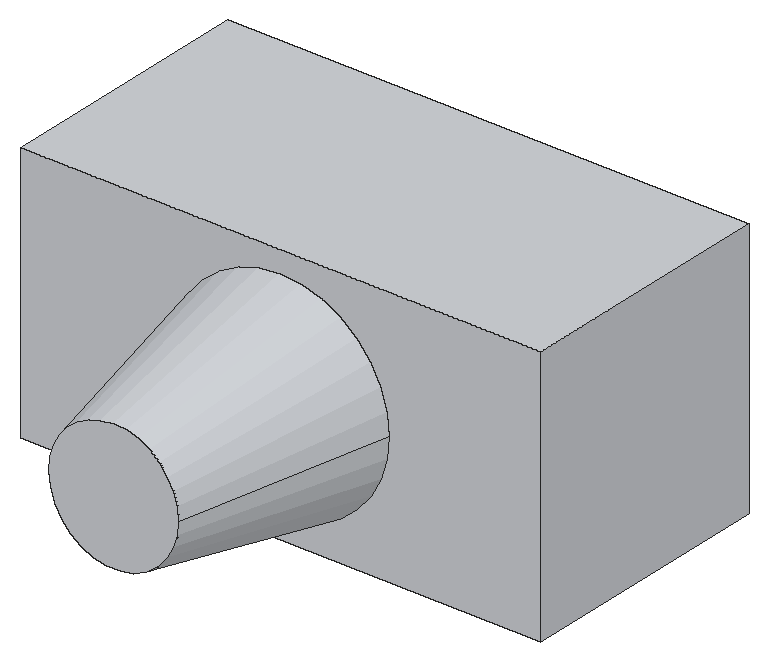
Revit family "M_T retangular para redondo - Torneira", category Conexões de duto, Revit 2019
Family settings
  Cota do conector redondo = Usar raio
  Tipo de parte = Tê
  Número OmniClass = 23.75.70.14
  Título OmniClass = Air Ductwork
  ID de item do Seek = Rectangular to Round Tee -  Conical Tap-0000-CAN-ENU
  Com base no plano de trabalho = Não
  Sempre na vertical = Sim
  Corte com vazios quando carregada = Não
  Compartilhado = Não
Parameters (values of type "Padrão")
  Largura do duto [instance] = 300 mm
  Raio do duto 1 [instance] = 75 mm
  Raio do duto 2 [instance] = if(Altura do duto > Comprimento do duto 1, (Comprimento do duto 1 - 50 mm) / 2, (Altura do duto - 50 mm) / 2)  # 125 mm
  Comprimento do duto 2 [instance] = Largura do duto * 0.8  # 240 mm
  Comprimento do duto 1 [instance] = Largura do duto * 2  # 600 mm
  Altura do duto [instance] = 300 mm
  Diâmetro do duto 1 [instance] = Raio do duto 1 * 2  # 150 mm
  Diâmetro do duto 2 [instance] = Raio do duto 2 * 2  # 250 mm
Reference planes
  plane 1 "Centro (Frente/Trás)": y = 0
  plane 2: z = 0
  plane 3 "Centro (Esquerda/Direita)": x = 0
  plane 4: y = 150
  plane 5: y = -150
  plane 6: x = -300
  plane 7: x = 300
  plane 8: z = 150
  plane 9: z = -150
  plane 10: y = -390
  plane 11: y = 152.4
  plane 12: y = -152.4
  plane 13: z = 152.4
  plane 14: z = -152.4
  plane 15: y = 152.4
  plane 16: y = -152.4
  plane 17: z = 152.4
  plane 18: z = -152.4
Forms (mm)
  Extrusion 1, solid, detail levels medium+fine
    sketch origin (0, 0, 0) x (1, 0, 0) y (0, 1, 0)
      loop
        line (-300, 150) -> (-300, -150) -> (300, -150) -> (300, 150) -> (-300, 150)
    from -150 to 150
  Blend 2, solid, detail levels medium+fine
    base sketch origin (0, 0, 0) x (1, 0, 0) y (0, 0, 1)
      loop
        circle (0, 0) r 125
    top sketch origin (0, 0, 0) x (1, 0, 0) y (0, 0, 1)
      loop
        circle (0, 0) r 75
    from 150 to 390
  Extrusion 3, solid, detail levels medium+fine
    sketch origin (0, 0, 0) x (1, 0, 0) y (0, 0, 1)
      loop
        circle (0, 0) r 12.7
    from 150 to 390
Cuts and joins
  joined: Extrusion 1, Blend 2, Extrusion 3
Lines and regions (mm)
  model lines, detail levels coarse
    curve 1: line (-300, 0, 0) -> (300, 0, 0)
    curve 2: line (0, 0, 0) -> (0, -390, 0)
Dimensions and locks
  equal spacing: plane 4, plane 1 "Centro (Frente/Trás)", plane 5
  "Largura do duto": plane 4 to plane 5
  equal spacing: plane 6, plane 3 "Centro (Esquerda/Direita)", plane 7
  "Comprimento do duto 1": plane 6 to plane 7
  equal spacing: plane 8, plane 2, plane 9
  "Altura do duto": plane 8 to plane 9
  "Comprimento do duto 2": plane 5 to plane 10
  equal spacing: plane 11, plane 1 "Centro (Frente/Trás)", plane 12
  equal spacing: plane 13, plane 2, plane 14
  equal spacing: plane 15, plane 1 "Centro (Frente/Trás)", plane 16
  equal spacing: plane 17, plane 2, plane 18
  "Raio do duto 2": radius of Blend 2 sketch curve
  "Raio do duto 1": radius of Blend 2 sketch curve
  radius of Extrusion 3 sketch curve = 12.7 mm
  aligned and locked: plane 6 to Extrusion 1 sketch curve
  aligned and locked: Extrusion 1 sketch curve to plane 4
  aligned and locked: plane 5 to Extrusion 1 sketch curve
  aligned and locked: Extrusion 1 sketch curve to plane 7
  aligned and locked: Extrusion 1 to plane 9
  aligned and locked: plane 8 to Extrusion 1
  aligned and locked: plane 2 to Blend 2 sketch curve  (x2)
  aligned and locked: plane 3 "Centro (Esquerda/Direita)" to Blend 2 sketch curve  (x2)
  aligned and locked: plane 5 to Blend 2
  aligned and locked: Blend 2 to plane 10
  aligned and locked: plane 7 to curve 1
  aligned and locked: plane 6 to curve 1
  aligned and locked: plane 1 "Centro (Frente/Trás)" to curve 1
  aligned and locked: plane 10 to curve 2
  aligned and locked: plane 1 "Centro (Frente/Trás)" to curve 2
  aligned and locked: curve 2 to plane 3 "Centro (Esquerda/Direita)"
  aligned and locked: plane 2 to Extrusion 3 sketch curve
  aligned and locked: plane 3 "Centro (Esquerda/Direita)" to Extrusion 3 sketch curve
  aligned and locked: Extrusion 3 to plane 10
  aligned and locked: plane 5 to Extrusion 3
Connectors
  hvac at (-300, 0, 0), driven by "Largura do duto", driven by "Altura do duto"
    settings: on cut or joined group of Extrusion 1, Blend 2, Extrusion 3, index 1, duct flow 0.0 L/s, flow factor 0, pres drop 0.0 Pa, loss coef 0, conn angle 0.00°, conn width 300 mm, conn height 300 mm, conn diameter 609.6 mm, duct sys type 28, conn prof type 1, flow config 0, flow direction 0, loss method 0, conn ref index 2, conn util no, is conn primary yes, conn desc ""
  hvac at (300, 0, 0), driven by "Largura do duto", driven by "Altura do duto"
    settings: on cut or joined group of Extrusion 1, Blend 2, Extrusion 3, index 2, duct flow 0.0 L/s, flow factor 0, pres drop 0.0 Pa, loss coef 0, conn angle 0.00°, conn width 300 mm, conn height 300 mm, conn diameter 609.6 mm, duct sys type 28, conn prof type 1, flow config 0, flow direction 0, loss method 0, conn ref index 1, conn util no, is conn primary no, conn desc ""
  hvac at (0, -390, 0), driven by "Raio do duto 1"
    settings: on Extrusion 3, index 3, duct flow 0.0 L/s, flow factor 0, pres drop 0.0 Pa, loss coef 0, conn angle 0.00°, conn width 304.8 mm, conn height 304.8 mm, conn diameter 150 mm, duct sys type 28, conn prof type 0, flow config 0, flow direction 0, loss method 0, conn ref index -1, conn util no, is conn primary no, conn desc ""
